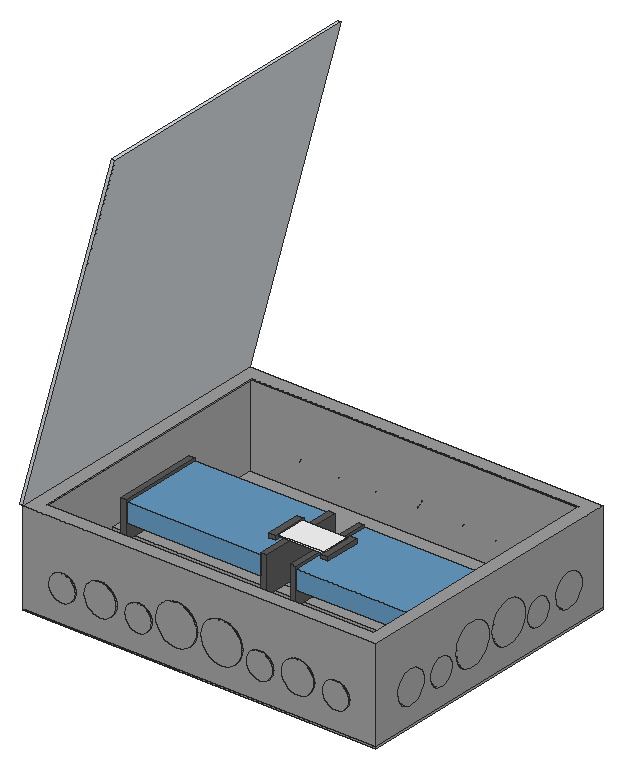
Revit family "Data_Device-Module-HCS-NXSP_Series", category Data Devices, host Face, Revit 2014
Parameters (values of type "NXSP Series")
  Weight = 0.17 kg  # constant formula
  Warranty = "Five-year limited"  # constant formula
  Voltage = 120 V
  URL = "https://www.hubbell.com/hubbellcontrolsolutions/en/"
  Type Comments = "Data Devices"  # constant formula
  Relative humidity = "0% to 95% (non condensing)"  # constant formula
  Programming = "Allows configuration and programming of the attached devices via web browser interface served from the Area Controller"  # constant formula
  Product Page URL = "https://www.hubbell.com/hubbellcontrolsolutions/en/Products/Lighting-Controls/Lighting-Controls-Sensors/NX-Distributed-Intelligence-Lighting-Controls/NX-SmartPORT-Module/p/220945"
  Product Material = Hubbell - Gray
  Product Documentation Link = "https://hubbellcdn.com/specsheet/3456A_NX_Smart_Port.pdf.pdf"
  Power Factor = 1
  Passive Infrared = "Dual-element pyrometer and 12-element cylindrical RhinoTuff lens"  # constant formula
  Operating Temperature = "32° to 104° (0° to 40° C)"  # constant formula
  Operating Environment = "Indoor use only"  # constant formula
  Number of Poles = 1
  Network Interface = "Connects to the HubbNET network through the NXHDI Device; Network Interface Module required"  # constant formula
  Mounting = "DIN rail, requires NXENC-D accessory enclosure"  # constant formula
  Model = "NXSP SERIES\r"  # constant formula
  Manufacturer = "Hubbell Control Solutions"  # constant formula
  Load Classification = Other
  Electrical = "Class 2, 24VDC, 250 mA max current available for connected devices, Plugs into NXHDI for power and network connection"  # constant formula
  Door is Open [instance] = yes
  Description = "SmartPORT™ Module"  # constant formula
  Default Elevation = 48.00"
  Create Date = "04/19/2018"  # constant formula
  Copyright = "Copyright © Hubbell Control Solutions"  # constant formula
  Contact Us = "https://www.hubbell.com/hubbellcontrolsolutions/en/contactUs?productId=220945"
  Connector Description 2 = "Data"  # constant formula
  Connector Description 1 = "Power Supply"  # constant formula
  Capacity = "Four SmartPORTs, eight Smart Switches max per port"  # constant formula
  Assembly Code = "D5030"
  Apparent Load = 0 VA
  Angle [instance] = if(Door is Open, 75.00°, 0.00°)  # 75.00°
Reference planes (in)
  plane 1 "Center (Front/Back)": y = 0
  plane 2: z = 0
  plane 3 "Center (Left/Right)": x = 0
  plane 4: x = -7.5
  plane 5: x = 7.5
  plane 6: y = -6
  plane 7: y = 6
  plane 8: x = -7.56
  plane 9: x = 7.56
  plane 10: y = 6.06
  plane 11: y = -6.06
  plane 12: z = 0.06
  plane 13: z = 0
  plane 14: z = 3.94
  plane 15: z = 0.88
  plane 16: x = -5.86
  plane 17: x = -4.23
  plane 18: x = -2.6
  plane 19: x = -0.97
  plane 20: x = 2.6
  plane 21: x = 4.23
  plane 22: x = 0.97
  plane 23: x = 5.86
  plane 24: z = 1.443
  plane 25: z = 1.568
  plane 26: z = 1.755
  plane 27: y = -6.09
  plane 28: y = 6.09
  plane 29: z = 0.88
  plane 30: x = -5.86
  plane 31: x = -4.23
  plane 32: x = -2.6
  plane 33: x = -0.97
  plane 34: x = 2.6
  plane 35: x = 4.23
  plane 36: x = 0.97
  plane 37: x = 5.86
  plane 38: z = 1.443
  plane 39: z = 1.568
  plane 40: z = 1.755
  plane 41: z = 0.88
  plane 42: y = 4.23
  plane 43: y = 2.6
  plane 44: y = 1
  plane 45: y = -4.23
  plane 46: y = -2.6
  plane 47: y = -0.94
  plane 48: z = 1.568
  plane 49: z = 1.755
  plane 50: z = 1.443
  plane 51: x = -7.59
  plane 52: z = 5.35
  plane 53: y = 4.23
  plane 54: y = 2.6
  plane 55: y = 1
  plane 56: y = -4.23
  plane 57: y = -2.6
  plane 58: y = -0.94
  plane 59: z = 1.568
  plane 60: z = 1.755
  plane 61: z = 1.443
  plane 62: x = 7.59
  plane 63: y = 1.38447
  plane 64: y = 0.88447
  plane 65: y = -1.38447
  plane 66: y = -0.88447
  plane 67: z = 4
Forms (in)
  Extrusion 1, solid, material "Hubbell - Gray" <- "Product Material"
    sketch origin (0, 0, 0) x (1, 0, 0) y (0, 1, 0)
      loop
        line (-7.56, 6.06) -> (-7.56, -6.06) -> (7.56, -6.06) -> (7.56, 6.06) -> (-7.56, 6.06)
    from 0 to 0.06
  Sweep 2, solid, material "Hubbell - Gray" <- "Product Material"
    path origin (0, 0, 0) x (1, 0, 0) y (0, 1, 0)
      loop
        line (-7.56, 6.06) -> (-7.56, -6.06) -> (7.56, -6.06) -> (7.56, 6.06) -> (-7.56, 6.06)
    profile origin (-7.56, 0, 0) x (-1, 0, 0) y (0, 0, 1)
      loop
        line (0, 0.06) -> (0, 4) -> (-0.56, 4) -> (-0.56, 3.94) -> (-0.06, 3.94) -> (-0.06, 0.06) -> (0, 0.06)
  Extrusion 3, solid, material "Hubbell - Gray" <- "Product Material"
    sketch origin (-7.56, 0, 0) x (-1, 0, 0) y (0, 0, 1)
      loop
        circle (-1.7, 1.443) r 0.563
      loop
        circle (-13.42, 1.443) r 0.563
      loop
        circle (-4.96, 1.443) r 0.563
      loop
        circle (-10.16, 1.443) r 0.563
      loop
        circle (-3.33, 1.568) r 0.688
      loop
        circle (-11.79, 1.568) r 0.688
      loop
        circle (-6.59, 1.755) r 0.875
      loop
        circle (-8.53, 1.755) r 0.875
    from -6.09 to -6.06
  Extrusion 4, solid, material "Hubbell - Gray" <- "Product Material"
    sketch origin (-7.56, 0, 0) x (-1, 0, 0) y (0, 0, -1)
      loop
        circle (-1.7, -1.443) r 0.563
      loop
        circle (-13.42, -1.443) r 0.563
      loop
        circle (-4.96, -1.443) r 0.563
      loop
        circle (-10.16, -1.443) r 0.563
      loop
        circle (-3.33, -1.568) r 0.688
      loop
        circle (-11.79, -1.568) r 0.688
      loop
        circle (-6.59, -1.755) r 0.875
      loop
        circle (-8.53, -1.755) r 0.875
    from -6.09 to -6.06
  Extrusion 5, solid, material "Hubbell - Gray" <- "Product Material"
    sketch origin (0, 0, 0) x (0, 1, 0) y (0, 0, 1)
      loop
        circle (4.23, 1.568) r 0.688
      loop
        circle (-4.23, 1.568) r 0.688
      loop
        circle (2.6, 1.443) r 0.563
      loop
        circle (-2.6, 1.443) r 0.563
      loop
        circle (1, 1.755) r 0.875
      loop
        circle (-0.94, 1.755) r 0.875
    from -7.59 to -7.56
  Extrusion 6, solid, material "Hubbell - Gray" <- "Product Material"
    sketch origin (0, 0, 0) x (0, 1, 0) y (0, 0, -1)
      loop
        circle (4.23, -1.568) r 0.688
      loop
        circle (-4.23, -1.568) r 0.688
      loop
        circle (2.6, -1.443) r 0.563
      loop
        circle (-2.6, -1.443) r 0.563
      loop
        circle (1, -1.755) r 0.875
      loop
        circle (-0.94, -1.755) r 0.875
    from -7.59 to -7.56
  Extrusion 7, solid, material "Hubbell - Gray" <- "Product Material"
    sketch origin (0, 0, 0) x (1, 0, 0) y (0, 1, 0)
      loop
        line (-7.5, 1.38447) -> (-7.5, 0.88447) -> (7.5, 0.88447) -> (7.5, 1.38447) -> (-7.5, 1.38447)
      loop
        line (-7.5, -1.38447) -> (7.5, -1.38447) -> (7.5, -0.88447) -> (-7.5, -0.88447) -> (-7.5, -1.38447)
    from 0.98852 to 1.16574
  Sweep 8, solid
    path origin (-11.90667, 0, 5.16469) x (0.965926, 0, -0.258819) y (0, -1, 0)
      loop
        line (4.5, 0) -> (4.375, 0)
    profile origin (-7.56, 0, 4) x (0, 1, 0) y (-0.258819, 0, -0.965926)
      loop
        line (6.06, 0) -> (-6.06, 0) -> (-6.06, -15.12) -> (6.06, -15.12) -> (6.06, 0)
Lines and regions (in)
  reference lines
    curve 1: line (-11.90667, 0, 5.16469) -> (-7.56, 0, 4)
Dimensions and locks (in)
  equal spacing: plane 4, plane 3 "Center (Left/Right)", plane 5
  locked: plane 4 to plane 5 at 15
  locked: plane 6 to plane 7 at 12
  equal spacing: plane 7, plane 1 "Center (Front/Back)", plane 6
  locked: plane 8 to plane 4 at 0.06
  locked: plane 5 to plane 9 at 0.06
  locked: plane 10 to plane 7 at 0.06
  locked: plane 6 to plane 11 at 0.06
  locked: plane 12 to plane 13 at 0.06
  plane 16 to plane 8 = 1.70"
  plane 17 to plane 8 = 3.33"
  plane 18 to plane 8 = 4.96"
  plane 19 to plane 8 = 6.59"
  plane 22 to plane 8 = 8.53"
  plane 20 to plane 8 = 10.16"
  plane 21 to plane 8 = 11.79"
  locked: plane 23 to plane 8 at 13.42
  locked: plane 15 to plane 13 at 0.88
  locked: plane 27 to plane 11 at 0.03
  locked: plane 28 to plane 10 at 0.03
  locked: plane 41 to plane 13 at 0.88
  plane 10 to plane 42 = 1.83"
  plane 10 to plane 43 = 3.46"
  plane 28 to plane 44 = 5.09"
  plane 10 to plane 46 = 8.66"
  plane 10 to plane 45 = 10.29"
  plane 28 to plane 47 = 7.03"
  locked: plane 51 to plane 8 at 0.03
  locked: plane 9 to plane 62 at 0.03
  locked: plane 67 to plane 14 at 0.06
  locked: plane 67 to plane 13 at 4
  plane 29 to plane 13 = 0.88"
  plane 52 to plane 2 = 5.35"
  "Angle": angle plane 8 to curve 1
  aligned and locked: plane 2 to host face
  aligned and locked: level to host face
  aligned and locked: Extrusion 1 sketch curve to plane 10
  aligned and locked: plane 8 to Extrusion 1 sketch curve
  aligned and locked: Extrusion 1 sketch curve to plane 11
  aligned and locked: plane 9 to Extrusion 1 sketch curve
  aligned and locked: Extrusion 1 to plane 13
  aligned and locked: plane 12 to Extrusion 1
  aligned and locked: plane 8 to Sweep 2 sketch curve
  aligned and locked: plane 4 to Sweep 2 sketch curve
  aligned and locked: Sweep 2 sketch curve to plane 12
  aligned and locked: plane 16 to Extrusion 3 sketch curve
  aligned and locked: plane 17 to Extrusion 3 sketch curve
  aligned and locked: plane 18 to Extrusion 3 sketch curve
  aligned and locked: plane 19 to Extrusion 3 sketch curve
  aligned and locked: plane 22 to Extrusion 3 sketch curve
  aligned and locked: plane 20 to Extrusion 3 sketch curve
  aligned and locked: plane 21 to Extrusion 3 sketch curve
  aligned and locked: plane 23 to Extrusion 3 sketch curve
  aligned and locked: plane 24 to Extrusion 3 sketch curve  (x4)
  aligned and locked: plane 25 to Extrusion 3 sketch curve  (x2)
  aligned and locked: plane 26 to Extrusion 3 sketch curve  (x2)
  aligned and locked: Extrusion 3 to plane 11
  aligned and locked: plane 27 to Extrusion 3
  aligned and locked: plane 30 to Extrusion 4 sketch curve
  aligned and locked: plane 31 to Extrusion 4 sketch curve
  aligned and locked: plane 32 to Extrusion 4 sketch curve
  aligned and locked: plane 33 to Extrusion 4 sketch curve
  aligned and locked: plane 36 to Extrusion 4 sketch curve
  aligned and locked: plane 34 to Extrusion 4 sketch curve
  aligned and locked: plane 35 to Extrusion 4 sketch curve
  aligned and locked: plane 37 to Extrusion 4 sketch curve
  aligned and locked: Extrusion 4 sketch curve to plane 38  (x4)
  aligned and locked: Extrusion 4 sketch curve to plane 39  (x2)
  aligned and locked: Extrusion 4 sketch curve to plane 40  (x2)
  aligned and locked: plane 28 to Extrusion 4
  aligned and locked: Extrusion 4 to plane 10
  aligned and locked: plane 48 to Extrusion 5 sketch curve  (x2)
  aligned and locked: plane 49 to Extrusion 5 sketch curve  (x2)
  aligned and locked: plane 50 to Extrusion 5 sketch curve  (x2)
  aligned and locked: plane 45 to Extrusion 5 sketch curve
  aligned and locked: plane 46 to Extrusion 5 sketch curve
  aligned and locked: plane 47 to Extrusion 5 sketch curve
  aligned and locked: plane 44 to Extrusion 5 sketch curve
  aligned and locked: plane 43 to Extrusion 5 sketch curve
  aligned and locked: plane 42 to Extrusion 5 sketch curve
  aligned and locked: plane 51 to Extrusion 5
  aligned and locked: plane 8 to Extrusion 5
  aligned and locked: Extrusion 6 sketch curve to plane 59  (x2)
  aligned and locked: Extrusion 6 sketch curve to plane 60  (x2)
  aligned and locked: Extrusion 6 sketch curve to plane 61  (x2)
  aligned and locked: plane 56 to Extrusion 6 sketch curve
  aligned and locked: plane 57 to Extrusion 6 sketch curve
  aligned and locked: plane 58 to Extrusion 6 sketch curve
  aligned and locked: plane 55 to Extrusion 6 sketch curve
  aligned and locked: plane 54 to Extrusion 6 sketch curve
  aligned and locked: plane 53 to Extrusion 6 sketch curve
  aligned and locked: plane 9 to Extrusion 6
  aligned and locked: plane 62 to Extrusion 6
  aligned and locked: Extrusion 7 sketch curve to plane 5
  aligned and locked: plane 4 to Extrusion 7 sketch curve
  aligned and locked: Extrusion 7 sketch curve to plane 63
  aligned and locked: plane 64 to Extrusion 7 sketch curve
  aligned and locked: plane 1 "Center (Front/Back)" to nested 1
  aligned and locked: plane 3 "Center (Left/Right)" to nested 1
  aligned and locked: plane 65 to Extrusion 7 sketch curve
  aligned and locked: Extrusion 7 sketch curve to plane 66
  aligned and locked: Sweep 2 sketch curve to plane 67
  aligned and locked: Sweep 2 sketch curve to plane 14
  aligned and locked: plane 9 to Sweep 2 sketch curve
Automatic sketch dimensions
  host sketch curve to host sketch curve = 96.00"  (x2)
  Extrusion 7 sketch curve to plane 4 = 0.00"
  Extrusion 7 sketch curve to plane 5 = 0.00"
  Sweep 2 sketch curve to Sweep 2 sketch curve = 0.50"
  Sweep 2 sketch curve to plane 8 = 0.00"
  plane 11 to Sweep 2 sketch curve = 0.00"
  Sweep 2 sketch curve to plane 10 = 0.00"
  curve 1 to Sweep 8 sketch curve = 0.00"
  Sweep 8 sketch curve to curve 1 = 0.00"
  Sweep 8 sketch curve to curve 1 = 0.125"
  Sweep 8 sketch curve to profile plane = 0.00"
  profile plane to Sweep 8 sketch curve = 6.06"
  Sweep 8 sketch curve to profile plane = 6.06"
  Sweep 8 sketch curve to Sweep 8 sketch curve = 15.12"
  curve 1 to plane 8 = 0.00"
  curve 1 to plane 67 = 0.00"
  radius of Extrusion 3 sketch curve = 0.563"  (x4)
  radius of Extrusion 3 sketch curve = 0.688"  (x2)
  radius of Extrusion 3 sketch curve = 0.875"  (x2)
  radius of Extrusion 4 sketch curve = 0.563"  (x4)
  radius of Extrusion 4 sketch curve = 0.688"  (x2)
  radius of Extrusion 4 sketch curve = 0.875"  (x2)
  radius of Extrusion 5 sketch curve = 0.688"  (x2)
  radius of Extrusion 5 sketch curve = 0.563"  (x2)
  radius of Extrusion 5 sketch curve = 0.875"  (x2)
  radius of Extrusion 6 sketch curve = 0.688"  (x2)
  radius of Extrusion 6 sketch curve = 0.563"  (x2)
  radius of Extrusion 6 sketch curve = 0.875"  (x2)
Nested families (in)
  nested 1: "Family1" at (0, 0, 1.16574), type "Family1"
Connectors (in)
  electrical at (0, 0, 0), driven by "Load Classification", driven by "Voltage", driven by "Power Factor", driven by "Connector Description 1", driven by "Apparent Load"
    settings: on Extrusion 1, index 1, voltage 120 V, apparent load 0 VA, apparent load phase1 0 VA, apparent load phase2 0 VA, apparent load phase3 0 VA, power factor 1, load classification "Other", number of poles 1, system type 30, power factor state 1, is connector primary yes, connector utility no, sub classification motor no, connector description "Power Supply"
  cabletrayconduit at (-5.86, -6.09, 1.443), diameter 1
    settings: on Extrusion 3, index 2, connector width 12.00", connector height 12.00", connector angle 0.00°, system type 32, placement type 0, profile type 0, connector reference index -1, is primary connector yes, connector utility param no, connector description "Conduit Connector-1\""
  cabletrayconduit at (-4.23, -6.09, 1.568), diameter 1.25
    settings: on Extrusion 3, index 3, connector width 12.00", connector height 12.00", connector angle 0.00°, system type 32, placement type 0, profile type 0, connector reference index -1, is primary connector no, connector utility param no, connector description "Conduit Connector-1.25\""
  cabletrayconduit at (-2.6, -6.09, 1.443), diameter 1
    settings: on Extrusion 3, index 4, connector width 12.00", connector height 12.00", connector angle 0.00°, system type 32, placement type 0, profile type 0, connector reference index -1, is primary connector no, connector utility param no, connector description "Conduit Connector-1\""
  cabletrayconduit at (-0.97, -6.09, 1.755), diameter 1.63
    settings: on Extrusion 3, index 5, connector width 12.00", connector height 12.00", connector angle 0.00°, system type 32, placement type 0, profile type 0, connector reference index -1, is primary connector no, connector utility param no, connector description "Conduit Connector-1.625\""
  cabletrayconduit at (0.97, -6.09, 1.755), diameter 1.63
    settings: on Extrusion 3, index 6, connector width 12.00", connector height 12.00", connector angle 0.00°, system type 32, placement type 0, profile type 0, connector reference index -1, is primary connector no, connector utility param no, connector description "Conduit Connector-1.625\""
  cabletrayconduit at (2.6, -6.09, 1.443), diameter 1
    settings: on Extrusion 3, index 7, connector width 12.00", connector height 12.00", connector angle 0.00°, system type 32, placement type 0, profile type 0, connector reference index -1, is primary connector no, connector utility param no, connector description "Conduit Connector-1\""
  cabletrayconduit at (4.23, -6.09, 1.568), diameter 1.25
    settings: on Extrusion 3, index 8, connector width 12.00", connector height 12.00", connector angle 0.00°, system type 32, placement type 0, profile type 0, connector reference index -1, is primary connector no, connector utility param no, connector description "Conduit Connector-1.25\""
  cabletrayconduit at (5.86, -6.09, 1.443), diameter 1
    settings: on Extrusion 3, index 9, connector width 12.00", connector height 12.00", connector angle 0.00°, system type 32, placement type 0, profile type 0, connector reference index -1, is primary connector no, connector utility param no, connector description "Conduit Connector-1\""
  cabletrayconduit at (7.59, -4.23, 1.568), diameter 1.25
    settings: on Extrusion 6, index 10, connector width 12.00", connector height 12.00", connector angle 0.00°, system type 32, placement type 0, profile type 0, connector reference index -1, is primary connector no, connector utility param no, connector description "Conduit Connector-1.25\""
  cabletrayconduit at (7.59, -2.6, 1.443), diameter 1
    settings: on Extrusion 6, index 11, connector width 12.00", connector height 12.00", connector angle 0.00°, system type 32, placement type 0, profile type 0, connector reference index -1, is primary connector no, connector utility param no, connector description "Conduit Connector-1\""
  cabletrayconduit at (7.59, -0.94, 1.755), diameter 1.63
    settings: on Extrusion 6, index 12, connector width 12.00", connector height 12.00", connector angle 0.00°, system type 32, placement type 0, profile type 0, connector reference index -1, is primary connector no, connector utility param no, connector description "Conduit Connector-1.625\""
  cabletrayconduit at (7.59, 1, 1.755), diameter 1.63
    settings: on Extrusion 6, index 13, connector width 12.00", connector height 12.00", connector angle 0.00°, system type 32, placement type 0, profile type 0, connector reference index -1, is primary connector no, connector utility param no, connector description "Conduit Connector-1.625\""
  cabletrayconduit at (7.59, 2.6, 1.443), diameter 1
    settings: on Extrusion 6, index 14, connector width 12.00", connector height 12.00", connector angle 0.00°, system type 32, placement type 0, profile type 0, connector reference index -1, is primary connector no, connector utility param no, connector description "Conduit Connector-1\""
  cabletrayconduit at (7.59, 4.23, 1.568), diameter 1.25
    settings: on Extrusion 6, index 15, connector width 12.00", connector height 12.00", connector angle 0.00°, system type 32, placement type 0, profile type 0, connector reference index -1, is primary connector no, connector utility param no, connector description "Conduit Connector-1.25\""
  cabletrayconduit at (5.86, 6.09, 1.443), diameter 1
    settings: on Extrusion 4, index 16, connector width 12.00", connector height 12.00", connector angle 0.00°, system type 32, placement type 0, profile type 0, connector reference index -1, is primary connector no, connector utility param no, connector description "Conduit Connector-1\""
  cabletrayconduit at (4.23, 6.09, 1.568), diameter 1.25
    settings: on Extrusion 4, index 17, connector width 12.00", connector height 12.00", connector angle 0.00°, system type 32, placement type 0, profile type 0, connector reference index -1, is primary connector no, connector utility param no, connector description "Conduit Connector-1.25\""
  cabletrayconduit at (2.6, 6.09, 1.443), diameter 1
    settings: on Extrusion 4, index 18, connector width 12.00", connector height 12.00", connector angle 0.00°, system type 32, placement type 0, profile type 0, connector reference index -1, is primary connector no, connector utility param no, connector description "Conduit Connector-1\""
  cabletrayconduit at (0.97, 6.09, 1.755), diameter 1.63
    settings: on Extrusion 4, index 19, connector width 12.00", connector height 12.00", connector angle 0.00°, system type 32, placement type 0, profile type 0, connector reference index -1, is primary connector no, connector utility param no, connector description "Conduit Connector-1.625\""
  cabletrayconduit at (-0.97, 6.09, 1.755), diameter 1.63
    settings: on Extrusion 4, index 20, connector width 12.00", connector height 12.00", connector angle 0.00°, system type 32, placement type 0, profile type 0, connector reference index -1, is primary connector no, connector utility param no, connector description "Conduit Connector-1.625\""
  cabletrayconduit at (-2.6, 6.09, 1.443), diameter 1
    settings: on Extrusion 4, index 21, connector width 12.00", connector height 12.00", connector angle 0.00°, system type 32, placement type 0, profile type 0, connector reference index -1, is primary connector no, connector utility param no, connector description "Conduit Connector-1\""
  cabletrayconduit at (-4.23, 6.09, 1.568), diameter 1.25
    settings: on Extrusion 4, index 22, connector width 12.00", connector height 12.00", connector angle 0.00°, system type 32, placement type 0, profile type 0, connector reference index -1, is primary connector no, connector utility param no, connector description "Conduit Connector-1.25\""
  cabletrayconduit at (-5.86, 6.09, 1.443), diameter 1
    settings: on Extrusion 4, index 23, connector width 12.00", connector height 12.00", connector angle 0.00°, system type 32, placement type 0, profile type 0, connector reference index -1, is primary connector no, connector utility param no, connector description "Conduit Connector-1\""
  cabletrayconduit at (-7.59, 4.23, 1.568), diameter 1.25
    settings: on Extrusion 5, index 24, connector width 12.00", connector height 12.00", connector angle 0.00°, system type 32, placement type 0, profile type 0, connector reference index -1, is primary connector no, connector utility param no, connector description "Conduit Connector-1.25\""
  cabletrayconduit at (-7.59, 2.6, 1.443), diameter 1
    settings: on Extrusion 5, index 25, connector width 12.00", connector height 12.00", connector angle 0.00°, system type 32, placement type 0, profile type 0, connector reference index -1, is primary connector no, connector utility param no, connector description "Conduit Connector-1\""
  cabletrayconduit at (-7.59, -4.23, 1.568), diameter 1.25
    settings: on Extrusion 5, index 26, connector width 12.00", connector height 12.00", connector angle 0.00°, system type 32, placement type 0, profile type 0, connector reference index -1, is primary connector no, connector utility param no, connector description "Conduit Connector-1.25\""
  cabletrayconduit at (-7.59, -2.6, 1.443), diameter 1
    settings: on Extrusion 5, index 27, connector width 12.00", connector height 12.00", connector angle 0.00°, system type 32, placement type 0, profile type 0, connector reference index -1, is primary connector no, connector utility param no, connector description "Conduit Connector-1\""
  cabletrayconduit at (-7.59, -0.94, 1.755), diameter 1.63
    settings: on Extrusion 5, index 28, connector width 12.00", connector height 12.00", connector angle 0.00°, system type 32, placement type 0, profile type 0, connector reference index -1, is primary connector no, connector utility param no, connector description "Conduit Connector-1.625\""
  cabletrayconduit at (-7.59, 1, 1.755), diameter 1.63
    settings: on Extrusion 5, index 29, connector width 12.00", connector height 12.00", connector angle 0.00°, system type 32, placement type 0, profile type 0, connector reference index -1, is primary connector no, connector utility param no, connector description "Conduit Connector-1.625\""
  electrical at (0, 0, 0), driven by "Connector Description 2"
    settings: on Extrusion 1, index 30, voltage 0 V, apparent load 0 VA, apparent load phase1 0 VA, apparent load phase2 0 VA, apparent load phase3 0 VA, power factor 1, load classification "Other", number of poles 1, system type 5, power factor state 1, is connector primary no, connector utility no, sub classification motor no, connector description "Data"
Definition of nested family "Family1"
  Parameters (values of type "Family1")
    Default Elevation = 48.00"
  Reference planes (in)
    plane 1 "Center (Front/Back)": y = 0
    plane 2: z = 0
    plane 3 "Center (Left/Right)": x = 0
    plane 4: x = -6.77
    plane 5: x = -0.5
    plane 6: y = 1.82
    plane 7: y = -1.82
    plane 8: x = -6.52
    plane 9: x = -0.75
    plane 10: z = 1.56
    plane 11: x = 6.77
    plane 12: x = 0.5
    plane 13: x = 6.52
    plane 14: x = 0.75
  Forms (in)
    Extrusion 1, solid
      sketch origin (0, 0, 0) x (1, 0, 0) y (0, 1, 0)
        loop
          line (-48, 48) -> (-48, -48) -> (48, -48) -> (48, 48) -> (-48, 48)
      from 0 to -12
    Extrusion 2, solid, material "Hubbell - Black"
      sketch origin (0, 0, 0) x (1, 0, 0) y (0, 1, 0)
        loop
          line (-6.77, 1.82) -> (-6.77, -1.82) -> (-6.52, -1.82) -> (-6.52, 1.82) -> (-6.77, 1.82)
        loop
          line (-0.75, 1.82) -> (-0.75, -1.82) -> (-0.5, -1.82) -> (-0.5, 1.82) -> (-0.75, 1.82)
      from 0 to 1.56
    Extrusion 3, solid, material "Hubbell - Blue"
      sketch origin (0, 0, 0) x (1, 0, 0) y (0, 1, 0)
        loop
          line (-6.52, 1.82) -> (-6.52, -1.82) -> (-0.75, -1.82) -> (-0.75, 1.82) -> (-6.52, 1.82)
      from 0.67728 to 1.47728
    Extrusion 4, solid, material "Hubbell - Black"
      sketch origin (0, 0, 0) x (-1, 0, 0) y (0, -1, 0)
        loop
          line (-6.77, -1.82) -> (-6.52, -1.82) -> (-6.52, 1.82) -> (-6.77, 1.82) -> (-6.77, -1.82)
        loop
          line (-0.75, -1.82) -> (-0.5, -1.82) -> (-0.5, 1.82) -> (-0.75, 1.82) -> (-0.75, -1.82)
      from 0 to 1.56
    Extrusion 5, solid, material "Hubbell - Blue"
      sketch origin (0, 0, 0) x (-1, 0, 0) y (0, -1, 0)
        loop
          line (-6.52, -1.82) -> (-0.75, -1.82) -> (-0.75, 1.82) -> (-6.52, 1.82) -> (-6.52, -1.82)
      from 0.67728 to 1.47728
    Extrusion 6, solid, material "Hubbell - Black"
      sketch origin (0, 0, 0) x (1, 0, 0) y (0, 1, 0)
        loop
          line (-1.27742, 0.76457) -> (-1.27742, -0.76457) -> (-0.97742, -0.76457) -> (-0.97742, 0.76457) -> (-1.27742, 0.76457)
        loop
          line (1.27742, 0.76457) -> (0.97742, 0.76457) -> (0.97742, -0.76457) -> (1.27742, -0.76457) -> (1.27742, 0.76457)
      from 1.49649 to 1.66697
    Extrusion 7, solid, material "Hubbell - White"
      sketch origin (0, 0, 0) x (1, 0, 0) y (0, 1, 0)
        loop
          line (-0.97742, 0.64179) -> (-0.97742, -0.64179) -> (0.97742, -0.64179) -> (0.97742, 0.64179) -> (-0.97742, 0.64179)
      from 1.59532 to 1.66697
  Lines and regions (in)
    model lines
      curve 1: line (-6.25693, -0.06313, 1.47728) -> (-5.8965, -0.06313, 1.47728)
      curve 2: line (-6.25693, -0.655, 1.47728) -> (-6.25693, -0.481, 1.47728)
      curve 3: line (-5.8965, -0.655, 1.47728) -> (-6.25693, -0.655, 1.47728)
      curve 4: line (-5.8965, -0.06313, 1.47728) -> (-5.8965, -0.655, 1.47728)
      curve 5: line (-6.25693, -0.23713, 1.47728) -> (-6.30756, -0.23713, 1.47728)
      curve 6: line (-6.30756, -0.23713, 1.47728) -> (-6.30756, -0.29826, 1.47728)
      curve 7: line (-6.30756, -0.29826, 1.47728) -> (-6.34058, -0.29826, 1.47728)
      curve 8: line (-6.34058, -0.29826, 1.47728) -> (-6.34058, -0.41986, 1.47728)
      curve 9: line (-6.25693, -0.481, 1.47728) -> (-6.30756, -0.481, 1.47728)
      curve 10: line (-6.30756, -0.481, 1.47728) -> (-6.30756, -0.41986, 1.47728)
      curve 11: line (-6.30756, -0.41986, 1.47728) -> (-6.34058, -0.41986, 1.47728)
      curve 12: line (-6.25693, -0.23713, 1.47728) -> (-6.25693, -0.06313, 1.47728)
      curve 13: line (-6.25693, -0.79367, 1.47728) -> (-5.8965, -0.79367, 1.47728)
      curve 14: line (-6.25693, -1.38554, 1.47728) -> (-6.25693, -1.21154, 1.47728)
      curve 15: line (-5.8965, -1.38554, 1.47728) -> (-6.25693, -1.38554, 1.47728)
      curve 16: line (-5.8965, -0.79367, 1.47728) -> (-5.8965, -1.38554, 1.47728)
      curve 17: line (-6.25693, -0.96767, 1.47728) -> (-6.30756, -0.96767, 1.47728)
      curve 18: line (-6.30756, -0.96767, 1.47728) -> (-6.30756, -1.02881, 1.47728)
      curve 19: line (-6.30756, -1.02881, 1.47728) -> (-6.34058, -1.02881, 1.47728)
      curve 20: line (-6.34058, -1.02881, 1.47728) -> (-6.34058, -1.15041, 1.47728)
      curve 21: line (-6.25693, -1.21154, 1.47728) -> (-6.30756, -1.21154, 1.47728)
      curve 22: line (-6.30756, -1.21154, 1.47728) -> (-6.30756, -1.15041, 1.47728)
      curve 23: line (-6.30756, -1.15041, 1.47728) -> (-6.34058, -1.15041, 1.47728)
      curve 24: line (-6.25693, -0.96767, 1.47728) -> (-6.25693, -0.79367, 1.47728)
      curve 25: line (4.25692, 1.50319, 1.47728) -> (4.25692, 1.14277, 1.47728)
      curve 26: line (3.66505, 1.50319, 1.47728) -> (3.83905, 1.50319, 1.47728)
      curve 27: line (3.66505, 1.14277, 1.47728) -> (3.66505, 1.50319, 1.47728)
      curve 28: line (4.25692, 1.14277, 1.47728) -> (3.66505, 1.14277, 1.47728)
      curve 29: line (4.08292, 1.50319, 1.47728) -> (4.08292, 1.55383, 1.47728)
      curve 30: line (4.08292, 1.55383, 1.47728) -> (4.02179, 1.55383, 1.47728)
      curve 31: line (4.02179, 1.55383, 1.47728) -> (4.02179, 1.58685, 1.47728)
      curve 32: line (4.02179, 1.58685, 1.47728) -> (3.90019, 1.58685, 1.47728)
      curve 33: line (3.83905, 1.50319, 1.47728) -> (3.83905, 1.55383, 1.47728)
      curve 34: line (3.83905, 1.55383, 1.47728) -> (3.90019, 1.55383, 1.47728)
      curve 35: line (3.90019, 1.55383, 1.47728) -> (3.90019, 1.58685, 1.47728)
      curve 36: line (4.08292, 1.50319, 1.47728) -> (4.25692, 1.50319, 1.47728)
      curve 37: line (3.46388, 1.50319, 1.47728) -> (3.46388, 1.14277, 1.47728)
      curve 38: line (2.87201, 1.50319, 1.47728) -> (3.04601, 1.50319, 1.47728)
      curve 39: line (2.87201, 1.14277, 1.47728) -> (2.87201, 1.50319, 1.47728)
      curve 40: line (3.46388, 1.14277, 1.47728) -> (2.87201, 1.14277, 1.47728)
      curve 41: line (3.28988, 1.50319, 1.47728) -> (3.28988, 1.55383, 1.47728)
      curve 42: line (3.28988, 1.55383, 1.47728) -> (3.22874, 1.55383, 1.47728)
      curve 43: line (3.22874, 1.55383, 1.47728) -> (3.22874, 1.58685, 1.47728)
      curve 44: line (3.22874, 1.58685, 1.47728) -> (3.10714, 1.58685, 1.47728)
      curve 45: line (3.04601, 1.50319, 1.47728) -> (3.04601, 1.55383, 1.47728)
      curve 46: line (3.04601, 1.55383, 1.47728) -> (3.10714, 1.55383, 1.47728)
      curve 47: line (3.10714, 1.55383, 1.47728) -> (3.10714, 1.58685, 1.47728)
      curve 48: line (3.28988, 1.50319, 1.47728) -> (3.46388, 1.50319, 1.47728)
      curve 49: line (5.04997, 1.50319, 1.47728) -> (5.04997, 1.14277, 1.47728)
      curve 50: line (4.4581, 1.50319, 1.47728) -> (4.6321, 1.50319, 1.47728)
      curve 51: line (4.4581, 1.14277, 1.47728) -> (4.4581, 1.50319, 1.47728)
      curve 52: line (5.04997, 1.14277, 1.47728) -> (4.4581, 1.14277, 1.47728)
      curve 53: line (4.87597, 1.50319, 1.47728) -> (4.87597, 1.55383, 1.47728)
      curve 54: line (4.87597, 1.55383, 1.47728) -> (4.81483, 1.55383, 1.47728)
      curve 55: line (4.81483, 1.55383, 1.47728) -> (4.81483, 1.58685, 1.47728)
      curve 56: line (4.81483, 1.58685, 1.47728) -> (4.69323, 1.58685, 1.47728)
      curve 57: line (4.6321, 1.50319, 1.47728) -> (4.6321, 1.55383, 1.47728)
      curve 58: line (4.6321, 1.55383, 1.47728) -> (4.69323, 1.55383, 1.47728)
      curve 59: line (4.69323, 1.55383, 1.47728) -> (4.69323, 1.58685, 1.47728)
      curve 60: line (4.87597, 1.50319, 1.47728) -> (5.04997, 1.50319, 1.47728)
      curve 61: line (5.84301, 1.50319, 1.47728) -> (5.84301, 1.14277, 1.47728)
      curve 62: line (5.25114, 1.50319, 1.47728) -> (5.42514, 1.50319, 1.47728)
      curve 63: line (5.25114, 1.14277, 1.47728) -> (5.25114, 1.50319, 1.47728)
      curve 64: line (5.84301, 1.14277, 1.47728) -> (5.25114, 1.14277, 1.47728)
      curve 65: line (5.66901, 1.50319, 1.47728) -> (5.66901, 1.55383, 1.47728)
      curve 66: line (5.66901, 1.55383, 1.47728) -> (5.60788, 1.55383, 1.47728)
      curve 67: line (5.60788, 1.55383, 1.47728) -> (5.60788, 1.58685, 1.47728)
      curve 68: line (5.60788, 1.58685, 1.47728) -> (5.48628, 1.58685, 1.47728)
      curve 69: line (5.42514, 1.50319, 1.47728) -> (5.42514, 1.55383, 1.47728)
      curve 70: line (5.42514, 1.55383, 1.47728) -> (5.48628, 1.55383, 1.47728)
      curve 71: line (5.48628, 1.55383, 1.47728) -> (5.48628, 1.58685, 1.47728)
      curve 72: line (5.66901, 1.50319, 1.47728) -> (5.84301, 1.50319, 1.47728)
      curve 73: line (4.25692, -1.50319, 1.47728) -> (4.25692, -1.14277, 1.47728)
      curve 74: line (3.66505, -1.50319, 1.47728) -> (3.83905, -1.50319, 1.47728)
      curve 75: line (3.66505, -1.14277, 1.47728) -> (3.66505, -1.50319, 1.47728)
      curve 76: line (4.25692, -1.14277, 1.47728) -> (3.66505, -1.14277, 1.47728)
      curve 77: line (4.08292, -1.50319, 1.47728) -> (4.08292, -1.55383, 1.47728)
      curve 78: line (4.08292, -1.55383, 1.47728) -> (4.02179, -1.55383, 1.47728)
      curve 79: line (4.02179, -1.55383, 1.47728) -> (4.02179, -1.58685, 1.47728)
      curve 80: line (4.02179, -1.58685, 1.47728) -> (3.90019, -1.58685, 1.47728)
      curve 81: line (3.83905, -1.50319, 1.47728) -> (3.83905, -1.55383, 1.47728)
      curve 82: line (3.83905, -1.55383, 1.47728) -> (3.90019, -1.55383, 1.47728)
      curve 83: line (3.90019, -1.55383, 1.47728) -> (3.90019, -1.58685, 1.47728)
      curve 84: line (4.08292, -1.50319, 1.47728) -> (4.25692, -1.50319, 1.47728)
      curve 85: line (3.46388, -1.50319, 1.47728) -> (3.46388, -1.14277, 1.47728)
      curve 86: line (2.87201, -1.50319, 1.47728) -> (3.04601, -1.50319, 1.47728)
      curve 87: line (2.87201, -1.14277, 1.47728) -> (2.87201, -1.50319, 1.47728)
      curve 88: line (3.46388, -1.14277, 1.47728) -> (2.87201, -1.14277, 1.47728)
      curve 89: line (3.28988, -1.50319, 1.47728) -> (3.28988, -1.55383, 1.47728)
      curve 90: line (3.28988, -1.55383, 1.47728) -> (3.22874, -1.55383, 1.47728)
      curve 91: line (3.22874, -1.55383, 1.47728) -> (3.22874, -1.58685, 1.47728)
      curve 92: line (3.22874, -1.58685, 1.47728) -> (3.10714, -1.58685, 1.47728)
      curve 93: line (3.04601, -1.50319, 1.47728) -> (3.04601, -1.55383, 1.47728)
      curve 94: line (3.04601, -1.55383, 1.47728) -> (3.10714, -1.55383, 1.47728)
      curve 95: line (3.10714, -1.55383, 1.47728) -> (3.10714, -1.58685, 1.47728)
      curve 96: line (3.28988, -1.50319, 1.47728) -> (3.46388, -1.50319, 1.47728)
      curve 97: line (5.04997, -1.50319, 1.47728) -> (5.04997, -1.14277, 1.47728)
      curve 98: line (4.4581, -1.50319, 1.47728) -> (4.6321, -1.50319, 1.47728)
      curve 99: line (4.4581, -1.14277, 1.47728) -> (4.4581, -1.50319, 1.47728)
      curve 100: line (5.04997, -1.14277, 1.47728) -> (4.4581, -1.14277, 1.47728)
      curve 101: line (4.87597, -1.50319, 1.47728) -> (4.87597, -1.55383, 1.47728)
      curve 102: line (4.87597, -1.55383, 1.47728) -> (4.81483, -1.55383, 1.47728)
      curve 103: line (4.81483, -1.55383, 1.47728) -> (4.81483, -1.58685, 1.47728)
      curve 104: line (4.81483, -1.58685, 1.47728) -> (4.69323, -1.58685, 1.47728)
      curve 105: line (4.6321, -1.50319, 1.47728) -> (4.6321, -1.55383, 1.47728)
      curve 106: line (4.6321, -1.55383, 1.47728) -> (4.69323, -1.55383, 1.47728)
      curve 107: line (4.69323, -1.55383, 1.47728) -> (4.69323, -1.58685, 1.47728)
      curve 108: line (4.87597, -1.50319, 1.47728) -> (5.04997, -1.50319, 1.47728)
      curve 109: line (5.84301, -1.50319, 1.47728) -> (5.84301, -1.14277, 1.47728)
      curve 110: line (5.25114, -1.50319, 1.47728) -> (5.42514, -1.50319, 1.47728)
      curve 111: line (5.25114, -1.14277, 1.47728) -> (5.25114, -1.50319, 1.47728)
      curve 112: line (5.84301, -1.14277, 1.47728) -> (5.25114, -1.14277, 1.47728)
      curve 113: line (5.66901, -1.50319, 1.47728) -> (5.66901, -1.55383, 1.47728)
      curve 114: line (5.66901, -1.55383, 1.47728) -> (5.60788, -1.55383, 1.47728)
      curve 115: line (5.60788, -1.55383, 1.47728) -> (5.60788, -1.58685, 1.47728)
      curve 116: line (5.60788, -1.58685, 1.47728) -> (5.48628, -1.58685, 1.47728)
      curve 117: line (5.42514, -1.50319, 1.47728) -> (5.42514, -1.55383, 1.47728)
      curve 118: line (5.42514, -1.55383, 1.47728) -> (5.48628, -1.55383, 1.47728)
      curve 119: line (5.48628, -1.55383, 1.47728) -> (5.48628, -1.58685, 1.47728)
      curve 120: line (5.66901, -1.50319, 1.47728) -> (5.84301, -1.50319, 1.47728)
      curve 121: line (6.05537, 0.76457, 1.47728) -> (6.35537, 0.76457, 1.47728)
      curve 122: line (6.05537, -0.76457, 1.47728) -> (6.05537, 0.76457, 1.47728)
      curve 123: line (6.35537, 0.76457, 1.47728) -> (6.35537, -0.76457, 1.47728)
      curve 124: line (6.05537, -0.76457, 1.47728) -> (6.35537, -0.76457, 1.47728)
  Dimensions and locks (in)
    equal spacing: plane 6, plane 1 "Center (Front/Back)", plane 7
    locked: plane 4 to plane 5 at 6.27
    plane 6 to plane 7 = 3.64"
    locked: plane 4 to plane 8 at 0.25
    plane 10 to plane 2 = 1.56"
    locked: plane 9 to plane 5 at 0.25
    locked: plane 11 to plane 12 at 6.27
    locked: plane 11 to plane 13 at 0.25
    locked: plane 14 to plane 12 at 0.25
    equal spacing: plane 5, plane 3 "Center (Left/Right)", plane 12
    plane 3 "Center (Left/Right)" to plane 12 = 0.50"
    Extrusion 6 to Extrusion 7 = 2.25484"
    aligned and locked: plane 2 to Extrusion 1
    aligned and locked: level to Extrusion 1
    aligned and locked: Extrusion 2 sketch curve to plane 6  (x2)
    aligned and locked: plane 4 to Extrusion 2 sketch curve
    aligned and locked: plane 7 to Extrusion 2 sketch curve  (x2)
    aligned and locked: Extrusion 2 sketch curve to plane 8
    aligned and locked: Extrusion 2 sketch curve to plane 9
    aligned and locked: Extrusion 2 sketch curve to plane 5
    aligned and locked: plane 10 to Extrusion 2
    aligned and locked: Extrusion 2 to plane 2
    aligned and locked: Extrusion 3 sketch curve to plane 6
    aligned and locked: plane 8 to Extrusion 3 sketch curve
    aligned and locked: plane 9 to Extrusion 3 sketch curve
    aligned and locked: plane 7 to Extrusion 3 sketch curve
  Automatic sketch dimensions
    Extrusion 1 sketch curve to Extrusion 1 sketch curve = 96.00"  (x2)
    Extrusion 4 sketch curve to plane 7 = 0.00"  (x2)
    Extrusion 4 sketch curve to plane 11 = 0.00"
    Extrusion 4 sketch curve to plane 13 = 0.00"
    Extrusion 4 sketch curve to plane 6 = 0.00"  (x2)
    Extrusion 4 sketch curve to plane 14 = 0.00"
    Extrusion 4 sketch curve to plane 12 = 0.00"
    Extrusion 5 sketch curve to plane 7 = 0.00"
    Extrusion 5 sketch curve to plane 13 = 0.00"
    Extrusion 5 sketch curve to plane 14 = 0.00"
    Extrusion 5 sketch curve to plane 6 = 0.00"
    curve 20 to Extrusion 3 = 0.17942"
    curve 8 to Extrusion 3 = 0.17942"
    curve 19 to curve 17 = 0.03302"
    curve 7 to curve 5 = 0.03302"
    curve 20 to curve 23 = 0.03302"
    curve 8 to curve 9 = 0.03302"
    curve 17 to curve 13 = 0.05064"
    curve 5 to curve 12 = 0.05064"
    curve 21 to curve 14 = 0.05064"
    curve 9 to curve 9 = 0.05064"
    curve 13 to curve 16 = 0.36043"
    curve 4 to curve 13 = 0.00"
    curve 87 to Extrusion 3 = 0.31681"
    Extrusion 3 to curve 87 = 3.62201"
    curve 40 to Extrusion 3 = 0.67723"
    curve 40 to curve 87 = 0.00"
    curve 38 to curve 38 = 0.174"
    curve 86 to curve 93 = 0.174"
    curve 93 to curve 94 = 0.06113"
    curve 45 to curve 44 = 0.06113"
    curve 92 to curve 92 = 0.1216"
    curve 44 to curve 43 = 0.1216"
    curve 42 to curve 41 = 0.06113"
    curve 90 to curve 89 = 0.06113"
    curve 41 to curve 37 = 0.174"
    curve 89 to curve 96 = 0.174"
    curve 85 to curve 74 = 0.20118"
    curve 37 to curve 28 = 0.20118"
    curve 74 to curve 81 = 0.174"
    curve 26 to curve 26 = 0.174"
    curve 33 to curve 32 = 0.06113"
    curve 81 to curve 80 = 0.06113"
    curve 34 to curve 30 = 0.1216"
    curve 82 to curve 79 = 0.1216"
    curve 30 to curve 30 = 0.06113"
    curve 78 to curve 84 = 0.06113"
    curve 77 to curve 76 = 0.174"
    curve 29 to curve 28 = 0.174"
    curve 25 to curve 50 = 0.20118"
    curve 73 to curve 98 = 0.20118"
    curve 98 to curve 98 = 0.174"
    curve 50 to curve 57 = 0.174"
    curve 105 to curve 104 = 0.06113"
    curve 57 to curve 56 = 0.06113"
    curve 58 to curve 54 = 0.1216"
    curve 106 to curve 103 = 0.1216"
    curve 102 to curve 101 = 0.06113"
    curve 54 to curve 60 = 0.06113"
    curve 53 to curve 52 = 0.174"
    curve 101 to curve 100 = 0.174"
    curve 97 to curve 111 = 0.20118"
    curve 49 to curve 63 = 0.20118"
    curve 110 to curve 118 = 0.174"
    curve 62 to curve 69 = 0.174"
    curve 117 to curve 119 = 0.06113"
    curve 69 to curve 71 = 0.06113"
    curve 116 to curve 115 = 0.1216"
    curve 70 to curve 66 = 0.1216"
    curve 114 to curve 113 = 0.06113"
    curve 66 to curve 66 = 0.06113"
    curve 113 to curve 109 = 0.174"
    curve 65 to curve 61 = 0.174"
    curve 96 to Extrusion 3 = 0.31681"
    curve 117 to Extrusion 3 = 0.31681"
    curve 97 to curve 110 = 0.00"
    curve 98 to Extrusion 3 = 0.31681"
    curve 110 to curve 120 = 0.00"
    curve 102 to curve 101 = 0.05064"
    curve 105 to curve 98 = 0.05064"
    curve 119 to curve 110 = 0.05064"
    curve 113 to curve 113 = 0.05064"
    curve 95 to curve 86 = 0.05064"
    curve 77 to Extrusion 3 = 0.26617"
    curve 91 to curve 89 = 0.05064"
    curve 81 to curve 78 = 0.00"
    curve 83 to curve 82 = 0.03302"
    curve 103 to curve 102 = 0.03302"
    curve 116 to curve 118 = 0.03302"
    curve 91 to curve 90 = 0.03302"
    curve 77 to curve 84 = 0.05064"
    curve 81 to curve 81 = 0.05064"
    curve 15 to Extrusion 3 = 0.43446"
    curve 14 to curve 21 = 0.174"
    curve 21 to curve 22 = 0.06113"
    curve 73 to curve 73 = 0.36043"
    curve 73 to curve 100 = 0.00"
    curve 85 to curve 75 = 0.00"
    curve 97 to curve 112 = 0.00"
    curve 22 to curve 19 = 0.1216"
    curve 18 to curve 17 = 0.06113"
    curve 17 to curve 13 = 0.174"
    curve 13 to curve 4 = 0.13868"
    curve 2 to curve 9 = 0.174"
    curve 9 to curve 11 = 0.06113"
    curve 10 to curve 7 = 0.1216"
    curve 6 to curve 5 = 0.06113"
    curve 5 to curve 1 = 0.174"
    curve 49 to Extrusion 3 = 0.67723"
    curve 25 to curve 51 = 0.00"
    curve 61 to Extrusion 3 = 0.67723"
    curve 65 to Extrusion 3 = 0.31681"
    curve 36 to Extrusion 3 = 0.31681"
    curve 63 to Extrusion 3 = 0.31681"
    curve 33 to curve 29 = 0.00"
    curve 60 to curve 62 = 0.00"
    curve 37 to curve 26 = 0.00"
    curve 38 to Extrusion 3 = 0.31681"
    curve 57 to curve 53 = 0.00"
    curve 53 to curve 54 = 0.05064"
    curve 62 to curve 71 = 0.05064"
    curve 38 to curve 47 = 0.05064"
    curve 41 to curve 43 = 0.05064"
    curve 65 to curve 67 = 0.05064"
    curve 29 to curve 29 = 0.05064"
    curve 50 to curve 57 = 0.05064"
    curve 26 to curve 35 = 0.05064"
    curve 30 to curve 32 = 0.03302"
    curve 58 to curve 59 = 0.03302"
    curve 66 to curve 67 = 0.03302"
    curve 42 to curve 43 = 0.03302"
    Extrusion 5 to curve 124 = 1.05543"
    Extrusion 5 to curve 123 = 0.16463"
    curve 121 to curve 122 = 0.30"
    Extrusion 5 to curve 123 = 1.05543"
    plane 9 to Extrusion 6 sketch curve = 0.52742"
    plane 9 to Extrusion 6 sketch curve = 0.22742"
    plane 14 to Extrusion 6 sketch curve = 0.22742"
    Extrusion 6 sketch curve to Extrusion 6 sketch curve = 0.30"
    plane 1 "Center (Front/Back)" to Extrusion 6 sketch curve = 0.76457"  (x2)
    Extrusion 6 sketch curve to plane 1 "Center (Front/Back)" = 0.76457"  (x2)
    plane 9 to Extrusion 7 sketch curve = 0.22742"
    plane 14 to Extrusion 7 sketch curve = 0.22742"
    plane 1 "Center (Front/Back)" to Extrusion 7 sketch curve = 0.64179"
    Extrusion 7 sketch curve to plane 1 "Center (Front/Back)" = 0.64179"
